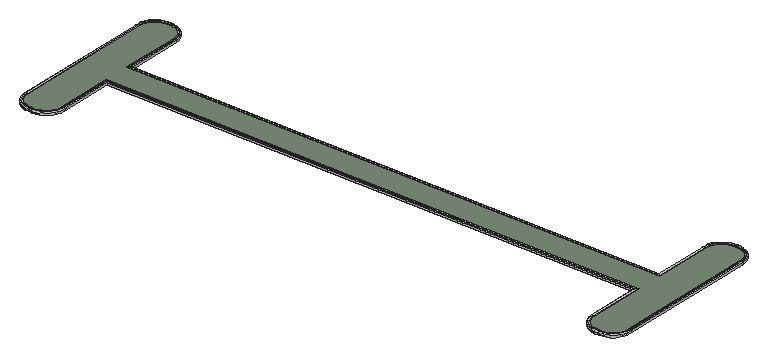
Revit family
Parameters (values of type "행당 15개 공간")
  주차장 깊이 = 4800 mm
  주차 폭 [instance] = 36000 mm
Types (3, lengths in mm): name | 주차 폭
  (no name) | 36000
  행당 15개 공간 | 36000
  행당 20개 공간 | 48000
Reference planes
  plane 1: z = 0
  plane 2 "중심(왼쪽/오른쪽)": x = -1955.8
  plane 3: x = -42731
  plane 4: y = -6223
  plane 5: y = -1423
  plane 6: x = -40343.4
  plane 7: x = -4343.4
  plane 8: y = 405.8
  plane 9: x = -40191
  plane 10: x = -42883.4
  plane 11: y = 558.2
  plane 12: y = -1575.4
  plane 13: x = -1803.4
  plane 14: x = -4495.8
  plane 15: y = -6375.4
  plane 16: y = 5358.2
  plane 17: y = 5510.6
Forms (mm)
  Sweep 1, solid, material "콘크리트 - 현장타설 콘크리트"
    path origin (0, 0, 0) x (1, 0, 0) y (0, 1, 0)
      loop
        arc (-4495.8, -5156.2) -> (-4138.705, -6018.305) -> (-3276.6, -6375.4) r 1219.2
        line (-3276.6, -6375.4) -> (-3022.6, -6375.4)
        arc (-3022.6, -6375.4) -> (-2160.495, -6018.305) -> (-1803.4, -5156.2) r 1219.2
        line (-1803.4, -5156.2) -> (-1803.4, 4291.4)
        arc (-1803.4, 4291.4) -> (-2160.495, 5153.505) -> (-3022.6, 5510.6) r 1219.2
        line (-3022.6, 5510.6) -> (-3276.6, 5510.6)
        arc (-3276.6, 5510.6) -> (-4138.705, 5153.505) -> (-4495.8, 4291.4) r 1219.2
        line (-4495.8, 4291.4) -> (-4495.8, 558.2) -> (-40191, 558.2) -> (-40191, 4291.4)
        arc (-40191, 4291.4) -> (-40548.095, 5153.505) -> (-41410.2, 5510.6) r 1219.2
        line (-41410.2, 5510.6) -> (-41664.2, 5510.6)
        arc (-41664.2, 5510.6) -> (-42526.305, 5153.505) -> (-42883.4, 4291.4) r 1219.2
        line (-42883.4, 4291.4) -> (-42883.4, -5156.2)
        arc (-42883.4, -5156.2) -> (-42526.305, -6018.305) -> (-41664.2, -6375.4) r 1219.2
        line (-41664.2, -6375.4) -> (-41410.2, -6375.4)
        arc (-41410.2, -6375.4) -> (-40548.095, -6018.305) -> (-40191, -5156.2) r 1219.2
        line (-40191, -5156.2) -> (-40191, -1575.4) -> (-4495.8, -1575.4) -> (-4495.8, -5156.2)
    profile origin (0, -3365.8, 0) x (-1, 0, 0) y (0, 0, 1)
      loop
        line (4495.8, 0) -> (4495.8, 127)
        arc (4495.8, 127) -> (4480.921, 162.921) -> (4445, 177.8) r 50.8
        line (4445, 177.8) -> (4318, 177.8) -> (4318, 0) -> (4495.8, 0)
  Extrusion 2, solid, material "대지 - 잔디"
    sketch origin (0, 0, 0) x (1, 0, 0) y (0, 1, 0)
      loop
        line (-1955.8, -5181.6) -> (-1955.8, 4316.8)
        arc (-1955.8, 4316.8) -> (-2260.819, 5053.181) -> (-2997.2, 5358.2) r 1041.4
        line (-2997.2, 5358.2) -> (-3302, 5358.2)
        arc (-3302, 5358.2) -> (-4038.381, 5053.181) -> (-4343.4, 4316.8) r 1041.4
        line (-4343.4, 4316.8) -> (-4343.4, 405.8) -> (-40343.4, 405.8) -> (-40343.4, 4316.8)
        arc (-40343.4, 4316.8) -> (-40648.419, 5053.181) -> (-41384.8, 5358.2) r 1041.4
        line (-41384.8, 5358.2) -> (-41689.6, 5358.2)
        arc (-41689.6, 5358.2) -> (-42425.981, 5053.181) -> (-42731, 4316.8) r 1041.4
        line (-42731, 4316.8) -> (-42731, -5181.6)
        arc (-42731, -5181.6) -> (-42425.981, -5917.981) -> (-41689.6, -6223) r 1041.4
        line (-41689.6, -6223) -> (-41384.8, -6223)
        arc (-41384.8, -6223) -> (-40648.419, -5917.981) -> (-40343.4, -5181.6) r 1041.4
        line (-40343.4, -5181.6) -> (-40343.4, -1423) -> (-4343.4, -1423) -> (-4343.4, -5181.6)
        arc (-4343.4, -5181.6) -> (-4038.381, -5917.981) -> (-3302, -6223) r 1041.4
        line (-3302, -6223) -> (-2997.2, -6223)
        arc (-2997.2, -6223) -> (-2260.819, -5917.981) -> (-1955.8, -5181.6) r 1041.4
    from 0 to 177.8
Lines and regions (mm)
  symbolic lines, style "주차장"
    curve 1: line (-42731, 4291.4, 0) -> (-42731, -5181.655, 0)
    curve 2: line (-40343.4, -5181.655, 0) -> (-40343.4, -1423, 0)
    curve 3: line (-40343.4, -1423, 0) -> (-4343.4, -1423, 0)
    curve 4: line (-4343.4, 405.8, 0) -> (-40368.8, 405.8, 0)
    curve 5: line (-4343.4, -1423, 0) -> (-4343.4, -5181.6, 0)
    curve 6: arc (-4343.4, -5181.6, 0) -> (-4038.381, -5917.981, 0) -> (-3302, -6223, 0) r 1041.4
    curve 7: line (-3302, -6223, 0) -> (-2997.2, -6223, 0)
    curve 8: arc (-2997.2, -6223, 0) -> (-2260.819, -5917.981, 0) -> (-1955.8, -5181.6, 0) r 1041.4
    curve 9: line (-1955.8, -5181.6, 0) -> (-1955.8, 4316.8, 0)
    curve 10: line (-40343.4, -1423, 0) -> (-40343.4, -5181.655, 0)
    curve 11: arc (-40343.4, -5181.655, 0) -> (-40648.419, -5918.036, 0) -> (-41384.8, -6223.055, 0) r 1041.4
    curve 12: line (-41384.8, -6223.055, 0) -> (-41689.6, -6223.055, 0)
    curve 13: arc (-41689.6, -6223.055, 0) -> (-42425.981, -5918.036, 0) -> (-42731, -5181.655, 0) r 1041.4
    curve 14: line (-4343.4, 405.8, 0) -> (-4343.4, 4316.8, 0)
    curve 15: line (-3302, 5358.2, 0) -> (-2997.2, 5358.2, 0)
    curve 16: arc (-2997.2, 5358.2, 0) -> (-2260.819, 5053.181, 0) -> (-1955.8, 4316.8, 0) r 1041.4
    curve 17: arc (-4343.4, 4316.8, 0) -> (-4038.381, 5053.181, 0) -> (-3302, 5358.2, 0) r 1041.4
    curve 18: line (-40368.8, 405.8, 0) -> (-40368.8, 4291.4, 0)
    curve 19: line (-41689.6, 5332.8, 0) -> (-41410.2, 5332.8, 0)
    curve 20: arc (-41689.6, 5332.8, 0) -> (-42425.981, 5027.781, 0) -> (-42731, 4291.4, 0) r 1041.4
    curve 21: arc (-41410.2, 5332.8, 0) -> (-40673.819, 5027.781, 0) -> (-40368.8, 4291.4, 0) r 1041.4
Dimensions and locks
  plane 3 to plane 6 = 2387.6 mm
  plane 7 to plane 2 "중심(왼쪽/오른쪽)" = 2387.6 mm
  "주차 폭": plane 6 to plane 7
  locked: plane 8 to plane 11 at 152.4
  locked: plane 5 to plane 12 at 152.4
  locked: plane 6 to plane 9 at 152.4
  locked: plane 10 to plane 3 at 152.4
  locked: plane 14 to plane 7 at 152.4
  locked: plane 2 "중심(왼쪽/오른쪽)" to plane 13 at 152.4
  locked: plane 4 to plane 15 at 152.4
  plane 5 to plane 8 = 1828.8 mm
  "주차장 깊이": plane 5 to plane 4
  locked: plane 16 to plane 17 at 152.4
  "주차장 깊이": plane 11 to plane 16
  aligned and locked: Extrusion 2 sketch curve to plane 8
  aligned and locked: plane 6 to Extrusion 2 sketch curve
  aligned and locked: Extrusion 2 sketch curve to plane 3
  aligned and locked: Extrusion 2 sketch curve to plane 2 "중심(왼쪽/오른쪽)"
  aligned and locked: plane 9 to Sweep 1 sketch curve
  aligned and locked: plane 10 to Sweep 1 sketch curve
  aligned and locked: Sweep 1 sketch curve to plane 11
  aligned and locked: plane 12 to Sweep 1 sketch curve
  aligned and locked: plane 15 to Sweep 1 sketch curve
  aligned and locked: Sweep 1 sketch curve to plane 14
  aligned and locked: curve 9 to plane 2 "중심(왼쪽/오른쪽)"
  aligned and locked: curve 7 to plane 4
  aligned and locked: plane 7 to curve 5
  aligned and locked: curve 4 to plane 8
  aligned and locked: plane 6 to curve 10
  aligned and locked: plane 3 to curve 1
  aligned and locked: Extrusion 2 sketch curve to curve 5
  aligned and locked: curve 3 to Extrusion 2 sketch curve
  aligned and locked: plane 16 to Extrusion 2 sketch curve
  aligned and locked: Extrusion 2 sketch curve to plane 16
  aligned and locked: Extrusion 2 sketch curve to Extrusion 2 sketch curve
  aligned and locked: Sweep 1 sketch curve to plane 17
Automatic sketch dimensions
  Sweep 1 sketch curve to level = 0 mm
  Sweep 1 sketch curve to profile plane = 0 mm
  profile plane to Sweep 1 sketch curve = 50.8 mm
  Sweep 1 sketch curve to Sweep 1 sketch curve = 127 mm  (x2)
  Extrusion 2 sketch curve to plane 4 = 0 mm  (x2)
  Extrusion 2 sketch curve to plane 5 = 0 mm
  Extrusion 2 sketch curve to plane 3 = 1041.4 mm  (x2)
  Extrusion 2 sketch curve to Extrusion 2 sketch curve = 304.8 mm  (x4)
  Extrusion 2 sketch curve to Extrusion 2 sketch curve = 1041.4 mm
  Extrusion 2 sketch curve to plane 2 "중심(왼쪽/오른쪽)" = 1346.2 mm
  Sweep 1 sketch curve to plane 9 = 0 mm
  Sweep 1 sketch curve to plane 14 = 0 mm
  Sweep 1 sketch curve to plane 15 = 0 mm
  Sweep 1 sketch curve to plane 17 = 0 mm
  Sweep 1 sketch curve to plane 13 = 0 mm
  Sweep 1 sketch curve to plane 3 = 1066.8 mm  (x2)
  Sweep 1 sketch curve to Sweep 1 sketch curve = 254 mm  (x4)
  Sweep 1 sketch curve to Sweep 1 sketch curve = 1219.2 mm
  Sweep 1 sketch curve to plane 2 "중심(왼쪽/오른쪽)" = 1320.8 mm
  curve 17 to plane 7 = 0 mm
  curve 15 to plane 16 = 0 mm
  curve 3 to plane 5 = 0 mm
  curve 20 to plane 3 = 1041.4 mm
  curve 13 to plane 3 = 1041.4 mm
  plane 16 to curve 21 = 25.4 mm
  curve 19 to curve 21 = 279.4 mm
  curve 12 to plane 4 = 0.055 mm
  curve 12 to curve 12 = 304.8 mm
  plane 6 to curve 18 = 25.4 mm
  curve 5 to curve 6 = 1041.4 mm
  curve 14 to curve 17 = 1041.4 mm
  curve 6 to curve 7 = 304.8 mm
  curve 15 to curve 16 = 304.8 mm
